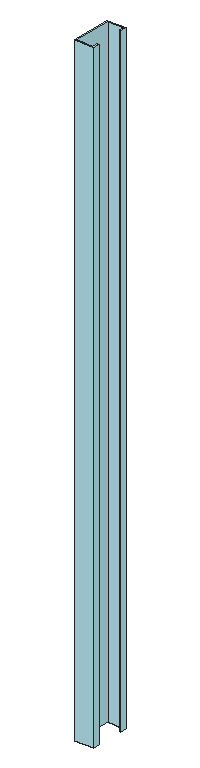
Revit family "(JIS)65×30×10×2.3", category 機械設備, Revit 2020
Family settings
  丸型コネクタ寸法 = 直径を使用
  種別 = なし
  パーツ タイプ = 標準
  作業面ベース = いいえ
  常に垂直 = はい
  ロード時にボイドで切り取り = いいえ
  共有 = いいえ
  部屋計算ポイント = いいえ
Parameters
  製造元 = "株式会社桐井製作所"
  既定の高さ = 0 mm
  URL = "https://www.kirii.co.jp/"
  K_長さ(mm) [instance] = 1000 mm
  K_材質 = "SSC400"
  K_外形寸法(mm) = "65×30×10×2.3"
  K_品名 = "(JIS)65×30×10×2.3"
  K_名称 = "補強材"
  K_単位質量(kg/m) = 2.369
  K_バージョン情報 = "20210524"
  K_めっき付着量 = "Z12"
  K_JIS規格 = "JIS G 3350"
Reference planes
  plane 1 "中心(正面/背面)": y = 0
  plane 2: z = 0
  plane 3 "中心(左/右)": x = 0
  plane 4: z = 1000
  plane 5: y = 65
Forms (mm)
  Extrusion 1, solid
    sketch origin (0, 0, 0) x (1, 0, 0) y (0, 1, 0)
      loop
        line (0, 0) -> (30, 0) -> (30, 10) -> (27.7, 10) -> (27.7, 2.3) -> (2.3, 2.3) -> (2.3, 62.7) -> (27.7, 62.7) -> (27.7, 55) -> (30, 55) -> (30, 65) -> (0, 65) -> (0, 0)
    from 0 to 1000
Dimensions and locks
  "K_長さ(mm)": plane 4 to plane 2
  aligned and locked: level to plane 2
  aligned and locked: plane 4 to Extrusion 1
Automatic sketch dimensions
  Extrusion 1 sketch curve to plane 3 "中心(左/右)" = 0 mm
  plane 1 "中心(正面/背面)" to Extrusion 1 sketch curve = 0 mm
  plane 3 "中心(左/右)" to Extrusion 1 sketch curve = 2.3 mm
  Extrusion 1 sketch curve to plane 1 "中心(正面/背面)" = 10 mm
  Extrusion 1 sketch curve to Extrusion 1 sketch curve = 25.4 mm  (x2)
  Extrusion 1 sketch curve to Extrusion 1 sketch curve = 2.3 mm  (x3)
  Extrusion 1 sketch curve to plane 1 "中心(正面/背面)" = 2.3 mm
  Extrusion 1 sketch curve to Extrusion 1 sketch curve = 45 mm
  Extrusion 1 sketch curve to Extrusion 1 sketch curve = 7.7 mm
